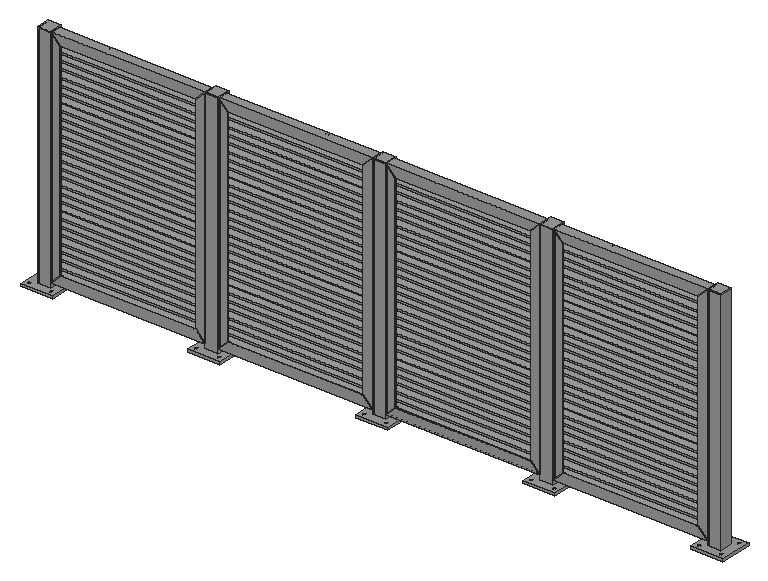
Revit family "Palmshield-Atlas-Louver-Array", category Specialty Equipment, Revit 2025 (continued)
Definition of nested family "Nested-Top_Cap-Palmshield-Atlas"
  Parameters (values of type "4" x 4" x 1/4"")
    Manufacturer = "PalmSHIELD"  # constant formula
    Keynote = "05 10 00"
    Instruction Sheet Link = "https://palmshieldlouvers.com/wp-content/uploads/2020/01/PalmSHIELD-Post-Panel-Gate-Installation-Instructions-REV-1.pdf"
    ID [instance] = ""
    Description = "Atlas - Top Cap"  # constant formula
    Default Elevation = 4' - 0"
    Copyright = "Copyright ©2024 The American Fence Company and PalmSHIELD. All Rights Reserved."  # constant formula
    Component Name [instance] = "Atlas - Aluminum - Square Top Cap"  # constant formula
    Assembly Code = "F1020100"
  Reference planes (in)
    plane 1 "Center (Front/Back)": y = 0
    plane 2: z = 0
    plane 3 "Center (Left/Right)": x = 0
    plane 4: y = 2
    plane 5: x = 2
    plane 6: y = -2
    plane 7: x = -2
    plane 8: z = 0.25
  Forms (in)
    Extrusion 1, solid
      sketch origin (0, 0, 0) x (1, 0, 0) y (0, 1, 0)
        loop
          line (-48, 48) -> (-48, -48) -> (48, -48) -> (48, 48) -> (-48, 48)
      from 0 to -12
    Extrusion 2, solid, material <- "Material"
      sketch origin (0, 0, 0) x (1, 0, 0) y (0, 1, 0)
        loop
          line (-2, 2) -> (-2, -2) -> (2, -2) -> (2, 2) -> (-2, 2)
      from 0 to 0.25
  Dimensions and locks (in)
    equal spacing: plane 7, plane 3 "Center (Left/Right)", plane 5
    equal spacing: plane 4, plane 1 "Center (Front/Back)", plane 6
    "Width": plane 7 to plane 5
    "Width": plane 4 to plane 6
    "Thickness": plane 8 to plane 2
    aligned and locked: plane 2 to Extrusion 1
    aligned and locked: level to Extrusion 1
    aligned and locked: Extrusion 2 sketch curve to plane 4
    aligned and locked: plane 7 to Extrusion 2 sketch curve
    aligned and locked: Extrusion 2 sketch curve to plane 6
    aligned and locked: Extrusion 2 sketch curve to plane 5
    aligned and locked: plane 8 to Extrusion 2
  Automatic sketch dimensions
    Extrusion 1 sketch curve to Extrusion 1 sketch curve = 8' - 0"  (x2)
Definition of nested family "Nested-L_Frame-Palmshield-Atlas"
  Parameters (values of type "AL L3" X 3" X 1/4"")
    Width = 0' - 3"  # constant formula
    Warranty URL = "https://palmshieldlouvers.com/wp-content/uploads/2020/01/PalmSHIELD-Warranty-NO-SIGN-LINE.pdf"
    Version = "2020 - v1.0a"  # constant formula
    URL = "https://palmshieldlouvers.com/"
    Thickness = 0' - 0 1/4"  # constant formula
    Product Page URL = "https://palmshieldlouvers.com/products/louvers/"
    Product Documentation Link = "https://palmshieldlouvers.com/wp-content/uploads/2022/10/PalmSHIELD-Horizontal-Louvers-Technical-Data-Sheets-updated-100722.pdf"
    Model = "Atlas"  # constant formula
    Material [instance] = none
    Manufacturer Phone Number = "531-329-4406 "  # constant formula
    Manufacturer Fax Number = "Consult Manufacturer Website for More Information"  # constant formula
    Manufacturer Email = "mailto: info@palmshieldlouvers.com"
    Manufacturer Address = "12330 Cary Circle, La Vista, NE 68128"  # constant formula
    Manufacturer = "PalmSHIELD"  # constant formula
    Length [instance] = 4' - 4.86713"
    Keynote = "05 10 00"
    Instruction Sheet Link = "https://palmshieldlouvers.com/wp-content/uploads/2020/01/PalmSHIELD-Post-Panel-Gate-Installation-Instructions-REV-1.pdf"
    ID [instance] = ""
    Description = "Atlas - L Frame"  # constant formula
    Default Elevation = 4' - 0"
    Copyright = "Copyright ©2024 The American Fence Company and PalmSHIELD. All Rights Reserved."  # constant formula
    Component Name [instance] = "Atlas - Aluminum - L Frame"  # constant formula
    C Hole Offset = 0' - 1 1/2"  # constant formula
    B-Side Cut Angle [instance] = 45.00°
    Assembly Code = "F1020100"
    A-Side Cut Angle [instance] = 45.00°
  Reference planes (in)
    plane 1 "Center (Front/Back)": y = 0
    plane 2: z = 0
    plane 3 "Center (Left/Right)": x = 0
    plane 4: x = 3
    plane 5: y = -52.86713
    plane 6: z = 3
  Forms (in)
    Extrusion 1, solid
      sketch origin (0, 0, 0) x (1, 0, 0) y (0, 1, 0)
        loop
          line (-48, 48) -> (-48, -48) -> (48, -48) -> (48, 48) -> (-48, 48)
      from 0 to -12
    Sweep 2, solid, material <- "Material"
      path origin (0, 0, 0) x (0, 1, 0) y (0, 0, 1)
        loop
          line (0, 0) -> (-52.86713, 0)
      profile "Profile-Palmshield-L : AL L3" X 3" X 1/4" - 6061-T6" origin (0, -26.43357, 0) x (0, 0, -1) y (1, 0, 0)
        loop
          line (-0.3125, 0.25) -> (-2.875, 0.25)
          arc (-2.875, 0.25) -> (-2.96339, 0.21339) -> (-3, 0.125) r 0.125
          line (-3, 0.125) -> (-3, 0) -> (0, 0) -> (0, 3) -> (-0.125, 3)
          arc (-0.125, 3) -> (-0.21339, 2.96339) -> (-0.25, 2.875) r 0.125
          line (-0.25, 2.875) -> (-0.25, 0.3125)
          arc (-0.25, 0.3125) -> (-0.26831, 0.26831) -> (-0.3125, 0.25) r 0.0625
    Extrusion 3, void
      sketch origin (0, 0, 0) x (0, 1, 0) y (0, 0, 1)
        loop
          line (-3, 3) -> (0, 0) -> (4.7449, 0) -> (4.7449, 3) -> (-3, 3)
        loop
          line (-57.61203, 3) -> (-57.61203, 0) -> (-52.86713, 0) -> (-49.86713, 3) -> (-57.61203, 3)
      from 0 to 3
  Cuts and joins
    Extrusion 3 cuts Sweep 2
  Dimensions and locks (in)
    "Width": plane 3 "Center (Left/Right)" to plane 4
    "Length": plane 1 "Center (Front/Back)" to plane 5
    "Width": plane 6 to plane 2
    locked: Extrusion 3 sketch curve to plane 1 "Center (Front/Back)" at 4.7449
    locked: plane 5 to Extrusion 3 sketch curve at 4.7449
    "B-Side Cut Angle": angle Extrusion 3 sketch curve to plane 1 "Center (Front/Back)"
    "A-Side Cut Angle": angle plane 5 to Extrusion 3 sketch curve
    aligned and locked: plane 2 to Extrusion 1
    aligned and locked: level to Extrusion 1
    aligned and locked: plane 1 "Center (Front/Back)" to Sweep 2 sketch curve
    aligned and locked: plane 5 to Sweep 2 sketch curve
    aligned and locked: Extrusion 3 sketch curve to plane 6
    aligned and locked: level to Extrusion 3 sketch curve
    aligned and locked: plane 6 to Extrusion 3 sketch curve
    aligned and locked: Extrusion 3 sketch curve to plane 2
    aligned and locked: plane 1 "Center (Front/Back)" to Extrusion 3 sketch curve
    aligned and locked: plane 2 to Extrusion 3 sketch curve
    aligned and locked: plane 5 to Extrusion 3 sketch curve
    aligned and locked: Extrusion 3 to plane 3 "Center (Left/Right)"
    aligned and locked: Extrusion 3 to plane 4
  Automatic sketch dimensions
    Extrusion 1 sketch curve to Extrusion 1 sketch curve = 8' - 0"  (x2)
    Sweep 2 sketch curve to level = 0' - 0"
Definition of nested family "Nested-Rib-Palmshield-Atlas"
  Parameters (values of type "AL FB 1/4" X 1"")
    Width = 0' - 1"  # constant formula
    Warranty URL = "https://palmshieldlouvers.com/wp-content/uploads/2020/01/PalmSHIELD-Warranty-NO-SIGN-LINE.pdf"
    Version = "2020 - v1.0a"  # constant formula
    URL = "https://palmshieldlouvers.com/"
    Thickness = 0' - 0 1/4"  # constant formula
    Product Page URL = "https://palmshieldlouvers.com/products/louvers/"
    Product Documentation Link = "https://palmshieldlouvers.com/wp-content/uploads/2022/10/PalmSHIELD-Horizontal-Louvers-Technical-Data-Sheets-updated-100722.pdf"
    Model = "Atlas"  # constant formula
    Material [instance] = none
    Manufacturer Phone Number = "531-329-4406 "  # constant formula
    Manufacturer Fax Number = "Consult Manufacturer Website for More Information"  # constant formula
    Manufacturer Email = "mailto: info@palmshieldlouvers.com"
    Manufacturer Address = "12330 Cary Circle, La Vista, NE 68128"  # constant formula
    Manufacturer = "PalmSHIELD"  # constant formula
    Length [instance] = 4' - 4.86713"
    Keynote = "05 10 00"
    Instruction Sheet Link = "https://palmshieldlouvers.com/wp-content/uploads/2020/01/PalmSHIELD-Post-Panel-Gate-Installation-Instructions-REV-1.pdf"
    ID [instance] = ""
    Description = "Atlas - Rib"  # constant formula
    Default Elevation = 4' - 0"
    Copyright = "Copyright ©2024 The American Fence Company and PalmSHIELD. All Rights Reserved."  # constant formula
    Component Name [instance] = "Atlas - Aluminum - FB Rib"  # constant formula
    C Hole Offset = 0' - 1 1/2"  # constant formula
    C Angle B [instance] = if([A-Side Cut Angle] > 0.00°, [A-Side Cut Angle], 0.00°)  # 25.00°
    C Angle A [instance] = if([A-Side Cut Angle] < 0.00°, -[A-Side Cut Angle], 0.00°)  # 0.00°
    Assembly Code = "F1020100"
    A-Side Cut Angle [instance] = 25.00°
  Reference planes (in)
    plane 1 "Center (Front/Back)": y = 0
    plane 2: z = 0
    plane 3 "Center (Left/Right)": x = 0
    plane 4: z = 52.86713
    plane 5: x = 0.5
    plane 6: x = -0.5
  Forms (in)
    Extrusion 1, solid
      sketch origin (0, 0, 0) x (1, 0, 0) y (0, 1, 0)
        loop
          line (-48, 48) -> (-48, -48) -> (48, -48) -> (48, 48) -> (-48, 48)
      from 0 to -12
    Sweep 2, solid, material <- "Material"
      path origin (0, 0, 0) x (0, 1, 0) y (0, 0, 1)
        loop
          line (0, 0) -> (0, 52.86713)
      profile "Profile-Palmshield-Rib : AL FB 1/4" X 1"" origin (0, 0, 26.43357) x (0, -1, 0) y (1, 0, 0)
        loop
          line (-0.25, -0.5) -> (0, -0.5) -> (0, 0.5) -> (-0.25, 0.5) -> (-0.25, -0.5)
    Extrusion 3, void
      sketch origin (0, 0, 0) x (1, 0, 0) y (0, 0, 1)
        loop
          line (0.5, 0) -> (-19.83743, 0) -> (-19.83743, -5) -> (0.5, -5) -> (0.5, 0)
      from -4.89794 to 12
    Extrusion 4, void
      sketch origin (0, 0, 0) x (-1, 0, 0) y (0, 0, -1)
        loop
          line (0.5, 0) -> (0.5, 5) -> (-19.83743, 5) -> (-19.83743, -9.4835) -> (0.5, 0)
      from -9.92538 to 12
  Cuts and joins
    Extrusion 3, Extrusion 4 cuts Sweep 2
  Dimensions and locks (in)
    "Length": plane 4 to plane 2
    equal spacing: plane 5, plane 3 "Center (Left/Right)", plane 6
    "Width": plane 5 to plane 6
    "C Angle A": angle Extrusion 3 sketch curve to plane 2
    "C Angle B": angle plane 2 to Extrusion 4 sketch curve
    aligned and locked: plane 2 to Extrusion 1
    aligned and locked: level to Extrusion 1
    aligned and locked: plane 1 "Center (Front/Back)" to Sweep 2 sketch curve
    aligned and locked: plane 4 to Sweep 2 sketch curve
    aligned and locked: plane 5 to Extrusion 3 sketch curve
    aligned and locked: plane 2 to Extrusion 3 sketch curve
    aligned and locked: plane 6 to Extrusion 4 sketch curve
    aligned and locked: plane 2 to Extrusion 4 sketch curve
  Automatic sketch dimensions
    Extrusion 1 sketch curve to Extrusion 1 sketch curve = 8' - 0"  (x2)
    Sweep 2 sketch curve to level = 0' - 0"
    Extrusion 3 sketch curve to level = 0' - 5"
    Extrusion 3 sketch curve to plane 6 = 1' - 7.33743"
    level to Extrusion 4 sketch curve = 0' - 5"
    Extrusion 4 sketch curve to plane 5 = 1' - 7.33743"
Definition of nested family "Nested-Louvers-Palmshield-Atlas"
  Parameters (values of type "EXTRUDED ALUMINUM LOUVERS TYP.")
    Width = 0' - 2 7/8"  # constant formula
    Warranty URL = "https://palmshieldlouvers.com/wp-content/uploads/2020/01/PalmSHIELD-Warranty-NO-SIGN-LINE.pdf"
    Version = "2020 - v1.0a"  # constant formula
    URL = "https://palmshieldlouvers.com/"
    Thickness = 0' - 0 1/8"  # constant formula
    Product Page URL = "https://palmshieldlouvers.com/products/louvers/"
    Product Documentation Link = "https://palmshieldlouvers.com/wp-content/uploads/2022/10/PalmSHIELD-Horizontal-Louvers-Technical-Data-Sheets-updated-100722.pdf"
    Model = "Atlas"  # constant formula
    Material [instance] = none
    Manufacturer Phone Number = "531-329-4406 "  # constant formula
    Manufacturer Fax Number = "Consult Manufacturer Website for More Information"  # constant formula
    Manufacturer Email = "mailto: info@palmshieldlouvers.com"
    Manufacturer Address = "12330 Cary Circle, La Vista, NE 68128"  # constant formula
    Manufacturer = "PalmSHIELD"  # constant formula
    Length [instance] = 4' - 4.86713"
    Keynote = "05 10 00"
    Instruction Sheet Link = "https://palmshieldlouvers.com/wp-content/uploads/2020/01/PalmSHIELD-Post-Panel-Gate-Installation-Instructions-REV-1.pdf"
    ID [instance] = ""
    Description = "Atlas - Louvers"  # constant formula
    Default Elevation = 4' - 0"
    Copyright = "Copyright ©2024 The American Fence Company and PalmSHIELD. All Rights Reserved."  # constant formula
    Component Name [instance] = "Atlas - Aluminum - Louver"  # constant formula
    Assembly Code = "F1020100"
  Reference planes (in)
    plane 1 "Center (Front/Back)": y = 0
    plane 2: z = 0
    plane 3 "Center (Left/Right)": x = 0
    plane 4: z = 52.86713
    plane 5: y = 2.875
  Forms (in)
    Extrusion 1, solid
      sketch origin (0, 0, 0) x (1, 0, 0) y (0, 1, 0)
        loop
          line (-48, 48) -> (-48, -48) -> (48, -48) -> (48, 48) -> (-48, 48)
      from 0 to -12
    Sweep 2, solid, material <- "Material"
      path origin (0, 0, 0) x (0, 1, 0) y (0, 0, 1)
        loop
          line (0, 0) -> (0, 52.86713)
      profile "Profile-Palmshield-Louver : LOUVERS TYP. - 6063-T6" origin (0, 0, 26.43357) x (0, -1, 0) y (1, 0, 0)
        loop
          line (-2.39453, 1.875) -> (-0.51953, 0) -> (0, 0) -> (0, 0.125) -> (-0.46775, 0.125) -> (-2.34275, 2) -> (-2.873, 2) -> (-2.873, 1.875) -> (-2.39453, 1.875)
  Dimensions and locks (in)
    "Length": plane 4 to plane 2
    "Width": plane 5 to plane 1 "Center (Front/Back)"
    aligned and locked: plane 2 to Extrusion 1
    aligned and locked: level to Extrusion 1
    aligned and locked: plane 1 "Center (Front/Back)" to Sweep 2 sketch curve
    aligned and locked: plane 4 to Sweep 2 sketch curve
  Automatic sketch dimensions
    Extrusion 1 sketch curve to Extrusion 1 sketch curve = 8' - 0"  (x2)
    Sweep 2 sketch curve to level = 0' - 0"
Definition of nested family "Nested-Screening-Louver-Assembly-Post-Palmshield-Atlas-Aluminum"
  Parameters (values of type "10" x 10" x 3/4"")
    Width = 0' - 10"  # constant formula
    Warranty URL = "https://palmshieldlouvers.com/wp-content/uploads/2020/01/PalmSHIELD-Warranty-NO-SIGN-LINE.pdf"
    Version = "2020 - v1.0a"  # constant formula
    URL = "https://palmshieldlouvers.com/"
    Thickness = 0' - 0 3/4"  # constant formula
    Product Page URL = "https://palmshieldlouvers.com/products/louvers/"
    Product Documentation Link = "https://palmshieldlouvers.com/wp-content/uploads/2022/10/PalmSHIELD-Horizontal-Louvers-Technical-Data-Sheets-updated-100722.pdf"
    Model = "Atlas"  # constant formula
    Material [instance] = none
    Manufacturer Phone Number = "531-329-4406 "  # constant formula
    Manufacturer Fax Number = "Consult Manufacturer Website for More Information"  # constant formula
    Manufacturer Email = "mailto: info@palmshieldlouvers.com"
    Manufacturer Address = "12330 Cary Circle, La Vista, NE 68128"  # constant formula
    Manufacturer = "PalmSHIELD"  # constant formula
    Keynote = "05 10 00"
    Instruction Sheet Link = "https://palmshieldlouvers.com/wp-content/uploads/2020/01/PalmSHIELD-Post-Panel-Gate-Installation-Instructions-REV-1.pdf"
    ID [instance] = ""
    Hole Diameter = 0' - 0 3/4"  # constant formula
    Description = "Atlas - Base Plate"  # constant formula
    Default Elevation = 4' - 0"
    Copyright = "Copyright ©2024 The American Fence Company and PalmSHIELD. All Rights Reserved."  # constant formula
    Component Name [instance] = "Atlas - Aluminum - Base Plate"  # constant formula
    C Hole Offset = 0' - 1 1/2"  # constant formula
    Assembly Code = "F1020100"
Definition of nested family "Nested-Screening-Louver-Assembly-Panel-Palmshield-Atlas-Aluminum"
  Parameters (values of type "AL FB 1/4" X 1"")
    Width = 0' - 1"  # constant formula
    Warranty URL = "https://palmshieldlouvers.com/wp-content/uploads/2020/01/PalmSHIELD-Warranty-NO-SIGN-LINE.pdf"
    Version = "2020 - v1.0a"  # constant formula
    URL = "https://palmshieldlouvers.com/"
    Thickness = 0' - 0 1/4"  # constant formula
    Product Page URL = "https://palmshieldlouvers.com/products/louvers/"
    Product Documentation Link = "https://palmshieldlouvers.com/wp-content/uploads/2022/10/PalmSHIELD-Horizontal-Louvers-Technical-Data-Sheets-updated-100722.pdf"
    Model = "Atlas"  # constant formula
    Material [instance] = none
    Manufacturer Phone Number = "531-329-4406 "  # constant formula
    Manufacturer Fax Number = "Consult Manufacturer Website for More Information"  # constant formula
    Manufacturer Email = "mailto: info@palmshieldlouvers.com"
    Manufacturer Address = "12330 Cary Circle, La Vista, NE 68128"  # constant formula
    Manufacturer = "PalmSHIELD"  # constant formula
    Length [instance] = 4' - 4.86713"
    Keynote = "05 10 00"
    Instruction Sheet Link = "https://palmshieldlouvers.com/wp-content/uploads/2020/01/PalmSHIELD-Post-Panel-Gate-Installation-Instructions-REV-1.pdf"
    ID [instance] = ""
    Description = "Atlas - Rib"  # constant formula
    Default Elevation = 4' - 0"
    Copyright = "Copyright ©2024 The American Fence Company and PalmSHIELD. All Rights Reserved."  # constant formula
    Component Name [instance] = "Atlas - Aluminum - FB Rib"  # constant formula
    C Hole Offset = 0' - 1 1/2"  # constant formula
    C Angle B [instance] = if([A-Side Cut Angle] > 0.00°, [A-Side Cut Angle], 0.00°)  # 25.00°
    C Angle A [instance] = if([A-Side Cut Angle] < 0.00°, -[A-Side Cut Angle], 0.00°)  # 0.00°
    Assembly Code = "F1020100"
    A-Side Cut Angle [instance] = 25.00°
